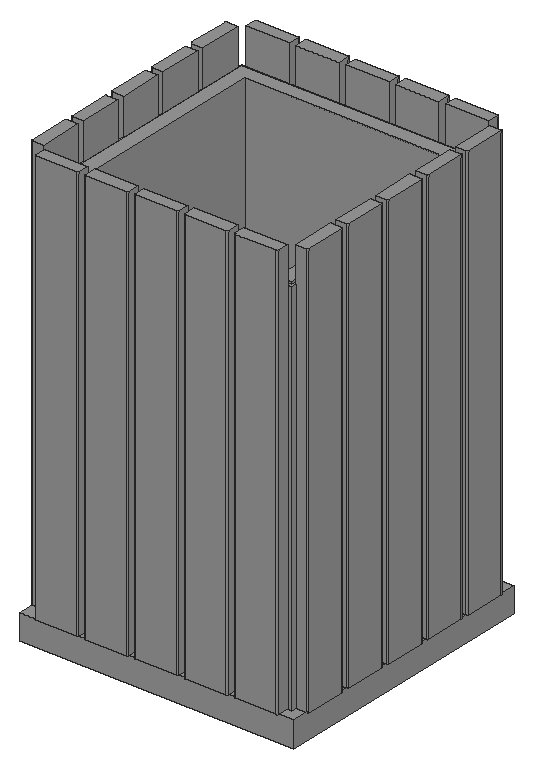
Revit family "Урна квадратная «Фанс» Арт 12224", category Антураж, Revit 2018
Family settings
  На основе рабочей плоскости = Нет
  Всегда вертикально = Да
  При загрузке вырезать с полостями = Нет
  Источник визуального образа = Геометрия семейства
  Общий = Нет
  Точка расчета площади = Нет
Parameters (values of type "Урна квадратная «Фанс»")
  Ширина = 379 mm  # constant formula
  Цвет урны = Сталь
  Цвет отделки = Дерево
  Описание = "Урна квадратная «Фанс»"  # constant formula
  Материал изделия = "Сталь, дерево"  # constant formula
  Изображение типоразмера = Урна квадратная «Фанс» Арт 12224.jpg
  Изготовитель = "ООО «Хоббика»"  # constant formula
  Длина = 379 mm  # constant formula
  Группа модели = "Уличные урны"  # constant formula
  Высота = 610 mm  # constant formula
  Артикул товара = "Арт. 12224"  # constant formula
  URL = "https://hobbyka.ru/product/urna_kvadratnaya_fans/"
Reference planes
  plane 1 "По центру (Вперед/Назад)": y = 0
  plane 2: z = 0
  plane 3 "По центру (Влево/Вправо)": x = 0
  plane 4: y = 379
  plane 5: x = 379
  plane 6: z = 610
Forms (mm)
  Extrusion 1, solid, material "Сталь" <- "Цвет урны"
    sketch origin (0, 0, 0) x (1, 0, 0) y (0, 1, 0)
      loop
        line (0, 379) -> (0, 0) -> (379, 0) -> (379, 379) -> (0, 379)
      loop
        line (35, 344) -> (35, 35) -> (344, 35) -> (344, 344) -> (35, 344)
    from 0 to 35
  Extrusion 2, solid, material "Сталь" <- "Цвет урны"
    sketch origin (0, 0, 0) x (1, 0, 0) y (0, 1, 0)
      loop
        line (35, 344) -> (35, 35) -> (344, 35) -> (344, 344) -> (35, 344)
      loop
        line (15, 364) -> (15, 15) -> (364, 15) -> (364, 364) -> (15, 364)
    from 35 to 55
  Extrusion 3, solid, material "Сталь" <- "Цвет урны"
    sketch origin (0, 0, 0) x (1, 0, 0) y (0, 1, 0)
      loop
        line (15, 364) -> (15, 344) -> (35, 344) -> (35, 364) -> (15, 364)
      loop
        line (15, 15) -> (35, 15) -> (35, 35) -> (15, 35) -> (15, 15)
      loop
        line (364, 15) -> (364, 35) -> (344, 35) -> (344, 15) -> (364, 15)
      loop
        line (364, 364) -> (344, 364) -> (344, 344) -> (364, 344) -> (364, 364)
    from 35 to 560
  Extrusion 4, solid, material "Сталь" <- "Цвет урны"
    sketch origin (0, 0, 0) x (1, 0, 0) y (0, 1, 0)
      loop
        line (35, 344) -> (35, 35) -> (344, 35) -> (344, 344) -> (35, 344)
      loop
        line (15, 364) -> (15, 15) -> (364, 15) -> (364, 364) -> (15, 364)
    from 540 to 560
  Extrusion 5, solid, material "Дерево" <- "Цвет отделки"
    sketch origin (0, 0, 0) x (1, 0, 0) y (0, 1, 0)
      loop
        line (21.5, 364) -> (81.5, 364) -> (81.5, 379)
        arc (81.5, 379) -> (80.914, 380.414) -> (79.5, 381) r 2
        line (79.5, 381) -> (23.5, 381)
        arc (23.5, 381) -> (22.086, 380.414) -> (21.5, 379) r 2
        line (21.5, 379) -> (21.5, 364)
      loop
        line (90.5, 364) -> (150.5, 364) -> (150.5, 379)
        arc (150.5, 379) -> (149.914, 380.414) -> (148.5, 381) r 2
        line (148.5, 381) -> (92.5, 381)
        arc (92.5, 381) -> (91.086, 380.414) -> (90.5, 379) r 2
        line (90.5, 379) -> (90.5, 364)
      loop
        line (159.5, 364) -> (219.5, 364) -> (219.5, 379)
        arc (219.5, 379) -> (218.914, 380.414) -> (217.5, 381) r 2
        line (217.5, 381) -> (161.5, 381)
        arc (161.5, 381) -> (160.086, 380.414) -> (159.5, 379) r 2
        line (159.5, 379) -> (159.5, 364)
      loop
        line (228.5, 364) -> (288.5, 364) -> (288.5, 379)
        arc (288.5, 379) -> (287.914, 380.414) -> (286.5, 381) r 2
        line (286.5, 381) -> (230.5, 381)
        arc (230.5, 381) -> (229.086, 380.414) -> (228.5, 379) r 2
        line (228.5, 379) -> (228.5, 364)
      loop
        line (297.5, 364) -> (357.5, 364) -> (357.5, 379)
        arc (357.5, 379) -> (356.914, 380.414) -> (355.5, 381) r 2
        line (355.5, 381) -> (299.5, 381)
        arc (299.5, 381) -> (298.086, 380.414) -> (297.5, 379) r 2
        line (297.5, 379) -> (297.5, 364)
      loop
        line (21.5, 15) -> (21.5, 0)
        arc (21.5, 0) -> (22.086, -1.414) -> (23.5, -2) r 2
        line (23.5, -2) -> (79.5, -2)
        arc (79.5, -2) -> (80.914, -1.414) -> (81.5, 0) r 2
        line (81.5, 0) -> (81.5, 15) -> (21.5, 15)
      loop
        line (90.5, 15) -> (90.5, 0)
        arc (90.5, 0) -> (91.086, -1.414) -> (92.5, -2) r 2
        line (92.5, -2) -> (148.5, -2)
        arc (148.5, -2) -> (149.914, -1.414) -> (150.5, 0) r 2
        line (150.5, 0) -> (150.5, 15) -> (90.5, 15)
      loop
        line (159.5, 15) -> (159.5, 0)
        arc (159.5, 0) -> (160.086, -1.414) -> (161.5, -2) r 2
        line (161.5, -2) -> (217.5, -2)
        arc (217.5, -2) -> (218.914, -1.414) -> (219.5, 0) r 2
        line (219.5, 0) -> (219.5, 15) -> (159.5, 15)
      loop
        line (228.5, 15) -> (228.5, 0)
        arc (228.5, 0) -> (229.086, -1.414) -> (230.5, -2) r 2
        line (230.5, -2) -> (286.5, -2)
        arc (286.5, -2) -> (287.914, -1.414) -> (288.5, 0) r 2
        line (288.5, 0) -> (288.5, 15) -> (228.5, 15)
      loop
        line (297.5, 15) -> (297.5, 0)
        arc (297.5, 0) -> (298.086, -1.414) -> (299.5, -2) r 2
        line (299.5, -2) -> (355.5, -2)
        arc (355.5, -2) -> (356.914, -1.414) -> (357.5, 0) r 2
        line (357.5, 0) -> (357.5, 15) -> (297.5, 15)
      loop
        line (15, 21.5) -> (15, 81.5) -> (0, 81.5)
        arc (0, 81.5) -> (-1.414, 80.914) -> (-2, 79.5) r 2
        line (-2, 79.5) -> (-2, 23.5)
        arc (-2, 23.5) -> (-1.414, 22.086) -> (0, 21.5) r 2
        line (0, 21.5) -> (15, 21.5)
      loop
        line (15, 90.5) -> (15, 150.5) -> (0, 150.5)
        arc (0, 150.5) -> (-1.414, 149.914) -> (-2, 148.5) r 2
        line (-2, 148.5) -> (-2, 92.5)
        arc (-2, 92.5) -> (-1.414, 91.086) -> (0, 90.5) r 2
        line (0, 90.5) -> (15, 90.5)
      loop
        line (15, 159.5) -> (15, 219.5) -> (0, 219.5)
        arc (0, 219.5) -> (-1.414, 218.914) -> (-2, 217.5) r 2
        line (-2, 217.5) -> (-2, 161.5)
        arc (-2, 161.5) -> (-1.414, 160.086) -> (0, 159.5) r 2
        line (0, 159.5) -> (15, 159.5)
      loop
        line (15, 228.5) -> (15, 288.5) -> (0, 288.5)
        arc (0, 288.5) -> (-1.414, 287.914) -> (-2, 286.5) r 2
        line (-2, 286.5) -> (-2, 230.5)
        arc (-2, 230.5) -> (-1.414, 229.086) -> (0, 228.5) r 2
        line (0, 228.5) -> (15, 228.5)
      loop
        line (15, 297.5) -> (15, 357.5) -> (0, 357.5)
        arc (0, 357.5) -> (-1.414, 356.914) -> (-2, 355.5) r 2
        line (-2, 355.5) -> (-2, 299.5)
        arc (-2, 299.5) -> (-1.414, 298.086) -> (0, 297.5) r 2
        line (0, 297.5) -> (15, 297.5)
      loop
        line (364, 21.5) -> (379, 21.5)
        arc (379, 21.5) -> (380.414, 22.086) -> (381, 23.5) r 2
        line (381, 23.5) -> (381, 79.5)
        arc (381, 79.5) -> (380.414, 80.914) -> (379, 81.5) r 2
        line (379, 81.5) -> (364, 81.5) -> (364, 21.5)
      loop
        line (364, 90.5) -> (379, 90.5)
        arc (379, 90.5) -> (380.414, 91.086) -> (381, 92.5) r 2
        line (381, 92.5) -> (381, 148.5)
        arc (381, 148.5) -> (380.414, 149.914) -> (379, 150.5) r 2
        line (379, 150.5) -> (364, 150.5) -> (364, 90.5)
      loop
        line (364, 159.5) -> (379, 159.5)
        arc (379, 159.5) -> (380.414, 160.086) -> (381, 161.5) r 2
        line (381, 161.5) -> (381, 217.5)
        arc (381, 217.5) -> (380.414, 218.914) -> (379, 219.5) r 2
        line (379, 219.5) -> (364, 219.5) -> (364, 159.5)
      loop
        line (364, 228.5) -> (379, 228.5)
        arc (379, 228.5) -> (380.414, 229.086) -> (381, 230.5) r 2
        line (381, 230.5) -> (381, 286.5)
        arc (381, 286.5) -> (380.414, 287.914) -> (379, 288.5) r 2
        line (379, 288.5) -> (364, 288.5) -> (364, 228.5)
      loop
        line (364, 297.5) -> (379, 297.5)
        arc (379, 297.5) -> (380.414, 298.086) -> (381, 299.5) r 2
        line (381, 299.5) -> (381, 355.5)
        arc (381, 355.5) -> (380.414, 356.914) -> (379, 357.5) r 2
        line (379, 357.5) -> (364, 357.5) -> (364, 297.5)
    from 35 to 610
  Extrusion 6, solid, material "Цинк"
    sketch origin (0, 0, 0) x (1, 0, 0) y (0, 1, 0)
      loop
        line (20, 359) -> (20, 20) -> (359, 20) -> (359, 359) -> (20, 359)
      loop
        line (342, 342) -> (37, 342) -> (37, 37) -> (342, 37) -> (342, 342)
    from 560 to 562
  Extrusion 7, solid, material "Цинк"
    sketch origin (0, 0, 0) x (1, 0, 0) y (0, 1, 0)
      loop
        line (37, 342) -> (37, 37) -> (342, 37) -> (342, 342) -> (37, 342)
    from 55 to 562
  Extrusion 8, void
    sketch origin (0, 0, 0) x (1, 0, 0) y (0, 1, 0)
      loop
        line (39, 340) -> (39, 39) -> (340, 39) -> (340, 340) -> (39, 340)
    from 57 to 562
Cuts and joins
  joined: Extrusion 2, Extrusion 3, Extrusion 4
  Extrusion 8 cuts Extrusion 7
  joined: Extrusion 6, Extrusion 7
Dimensions and locks
  "Длина": plane 3 "По центру (Влево/Вправо)" to plane 5
  "Ширина": plane 4 to plane 1 "По центру (Вперед/Назад)"
  "Высота": plane 6 to plane 2
  aligned and locked: level to plane 2
Automatic sketch dimensions
  plane 1 "По центру (Вперед/Назад)" to Extrusion 1 sketch curve = 0 mm
  Extrusion 1 sketch curve to plane 3 "По центру (Влево/Вправо)" = 0 mm
  Extrusion 1 sketch curve to plane 5 = 0 mm
  Extrusion 1 sketch curve to plane 4 = 0 mm
  plane 3 "По центру (Влево/Вправо)" to Extrusion 1 sketch curve = 35 mm
  Extrusion 1 sketch curve to plane 5 = 35 mm
  Extrusion 1 sketch curve to plane 1 "По центру (Вперед/Назад)" = 35 mm
  Extrusion 1 sketch curve to plane 4 = 35 mm
  plane 3 "По центру (Влево/Вправо)" to Extrusion 2 sketch curve = 15 mm
  Extrusion 2 sketch curve to Extrusion 2 sketch curve = 20 mm  (x2)
  Extrusion 2 sketch curve to plane 5 = 35 mm
  Extrusion 2 sketch curve to plane 5 = 15 mm
  Extrusion 2 sketch curve to plane 1 "По центру (Вперед/Назад)" = 15 mm
  Extrusion 2 sketch curve to plane 4 = 35 mm
  Extrusion 2 sketch curve to plane 4 = 15 mm
  plane 3 "По центру (Влево/Вправо)" to Extrusion 3 sketch curve = 15 mm  (x2)
  Extrusion 3 sketch curve to Extrusion 3 sketch curve = 20 mm  (x4)
  Extrusion 3 sketch curve to plane 5 = 35 mm  (x2)
  Extrusion 3 sketch curve to plane 1 "По центру (Вперед/Назад)" = 15 mm  (x2)
  Extrusion 3 sketch curve to plane 5 = 15 mm  (x2)
  Extrusion 3 sketch curve to plane 4 = 35 mm  (x2)
  Extrusion 3 sketch curve to plane 4 = 15 mm  (x2)
  plane 3 "По центру (Влево/Вправо)" to Extrusion 4 sketch curve = 15 mm
  Extrusion 4 sketch curve to Extrusion 4 sketch curve = 20 mm  (x2)
  Extrusion 4 sketch curve to plane 5 = 35 mm
  Extrusion 4 sketch curve to plane 5 = 15 mm
  Extrusion 4 sketch curve to plane 1 "По центру (Вперед/Назад)" = 15 mm
  Extrusion 4 sketch curve to plane 4 = 35 mm
  Extrusion 4 sketch curve to plane 4 = 15 mm
  Extrusion 5 sketch curve to plane 3 "По центру (Влево/Вправо)" = 0 mm  (x10)
  Extrusion 5 sketch curve to plane 4 = 0 mm  (x10)
  plane 1 "По центру (Вперед/Назад)" to Extrusion 5 sketch curve = 0 mm  (x10)
  Extrusion 5 sketch curve to plane 5 = 0 mm  (x10)
  Extrusion 5 sketch curve to Extrusion 5 sketch curve = 2 mm  (x9)
  plane 3 "По центру (Влево/Вправо)" to Extrusion 5 sketch curve = 15 mm  (x4)
  Extrusion 5 sketch curve to Extrusion 5 sketch curve = 0 mm  (x9)
  Extrusion 5 sketch curve to Extrusion 5 sketch curve = 6.5 mm  (x5)
  plane 1 "По центру (Вперед/Назад)" to Extrusion 5 sketch curve = 2 mm  (x3)
  plane 4 to Extrusion 5 sketch curve = 2 mm  (x3)
  Extrusion 5 sketch curve to Extrusion 5 sketch curve = 56 mm  (x16)
  Extrusion 5 sketch curve to Extrusion 5 sketch curve = 9 mm  (x16)
  Extrusion 5 sketch curve to plane 5 = 23.5 mm  (x2)
  Extrusion 5 sketch curve to Extrusion 5 sketch curve = 15 mm  (x5)
  plane 5 to Extrusion 5 sketch curve = 2 mm  (x5)
  Extrusion 5 sketch curve to plane 4 = 23.5 mm  (x2)
  Extrusion 5 sketch curve to plane 4 = 15 mm
  plane 3 "По центру (Влево/Вправо)" to Extrusion 6 sketch curve = 20 mm
  Extrusion 6 sketch curve to plane 5 = 20 mm
  Extrusion 6 sketch curve to plane 1 "По центру (Вперед/Назад)" = 20 mm
  Extrusion 6 sketch curve to plane 4 = 20 mm
  Extrusion 6 sketch curve to Extrusion 6 sketch curve = 17 mm  (x4)
  plane 3 "По центру (Влево/Вправо)" to Extrusion 7 sketch curve = 37 mm
  Extrusion 7 sketch curve to plane 5 = 37 mm
  Extrusion 7 sketch curve to plane 1 "По центру (Вперед/Назад)" = 37 mm
  Extrusion 7 sketch curve to plane 4 = 37 mm
  plane 3 "По центру (Влево/Вправо)" to Extrusion 8 sketch curve = 39 mm
  Extrusion 8 sketch curve to plane 5 = 39 mm
  Extrusion 8 sketch curve to plane 1 "По центру (Вперед/Назад)" = 39 mm
  Extrusion 8 sketch curve to plane 4 = 39 mm
